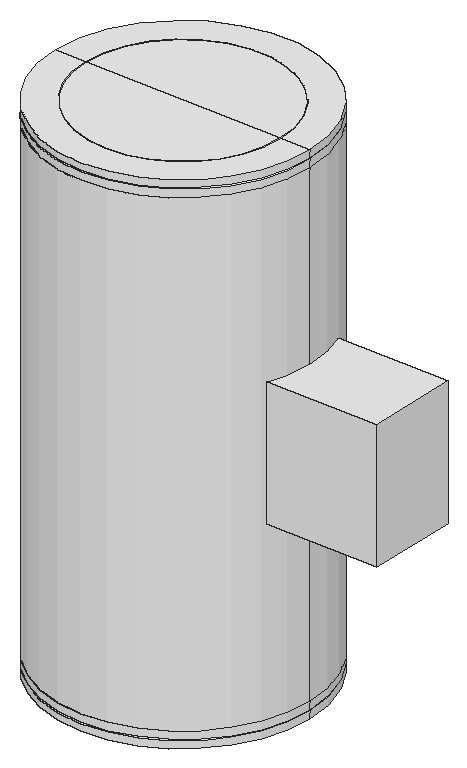
Revit family "Platek_Monaco_200_Applique_2_Openings", category Apparecchi per illuminazione, Revit 2018
Family settings
  Quota connettore circolare = Usa diametro
  Tipo di parte = Normale
  Basato su piano di lavoro = No
  Sempre verticale = Sì
  Taglio con vuoti quando caricato = No
  Sorgente d'illuminazione = No
  Condiviso = No
  Punto di calcolo locali = No
Parameters (values of type "8443411_42W_LED_3000K")
  URL = "www.platek.eu"
  Supply Voltage Min = 220 V
  Supply Voltage Max = 240 V
  Supply Voltage = 230 V
  Produttore = "PLATEK SRL"  # constant formula
  Product Page URL = "https://www.platek.eu/ita/searching.php?search=8442411#"
  Product Documentation Link = "https://www.platek.eu/ita/searching.php?search=8442411#"
  Product Dimension = "L280mm x L200mm x 400mm"
  Power Supply Unit = "Included"
  PLK_Photometrics = PLK_Photometrics : 8443411
  PLATEK Article Code = "8443411"
  Nota chiave = "Other LED colors available on request"
  Mounting Type = "Wall"
  Modello = "Monaco 200 1Opening"  # constant formula
  Manufacturer Comment = "2 Openings"
  Luminaure Luminous Intensity = 39086 cd
  Luminaire Wattage = 42 W
  Luminaire Luminous Flux = 3870 lm
  Lampada = "LED"
  LED Protection = "Surge protection included"
  Insulation Class = "1"
  Inside Body = PLK_Optic
  Immagine tipo = monaco_200_applique.jpg
  IP Rating = "IP65"
  IK Rating = "IK10"
  Glass = PLK_Light Source
  Frequency = "50/60 Hz"
  Energy Efficiency Rating = "A/A+/A++"
  Dimmable = "NO"
  Diffuse Type = "Transparent Glass"
  Descrizione = "Outdoor Lighting, Wall mounted"
  Commenti sul tipo = "Facades, Wall"
  Colour Temprature = 3000 K
  Codice assieme = "8443411.02(White);  8443411.06(Grey); 8443411.01(Black);  8443411.08(Anthracite); 8443411.07(Corten);  8443411.09(Bronze)"
  Cable Lenght = ""
  CRI = ">80"
  Body = PLK_06_Grey
Types (3, lengths in mm): name | Product Page URL | Product Documentation Link | PLK_Photometrics | PLATEK Article Code | Luminaure Luminous Intensity | Luminaire Luminous Flux | Codice assieme
  (no name) | "https://www.platek.eu/ita/searching.php?search=8442411#" | "https://www.platek.eu/ita/searching.php?search=8442411#" | PLK_Photometrics : 8443411 | "8443411" | 39086 cd | 3870 lm | "8443411.02(White);  8443411.06(Grey); 8443411.01(Black);  8443411.08(Anthracite); 8443411.07(Corten);  8443411.09(Bronze)"
  8443411_42W_LED_3000K | "https://www.platek.eu/ita/searching.php?search=8442411#" | "https://www.platek.eu/ita/searching.php?search=8442411#" | PLK_Photometrics : 8443411 | "8443411" | 39086 cd | 3870 lm | "8443411.02(White);  8443411.06(Grey); 8443411.01(Black);  8443411.08(Anthracite); 8443411.07(Corten);  8443411.09(Bronze)"
  8443418_42W_LED_3000K | "https://www.platek.eu/ita/searching.php?search=8443418#" | "https://www.platek.eu/ita/searching.php?search=8443418#" | PLK_Photometrics : 8443418 | "8443418" | 2230 cd | 3230 lm | "8443418.02(White);  8443418.06(Grey);  8443418.01(Black);  8443418.08(Anthracite); 8443418.07(Corten);  8443418.09(Bronze)"
Reference planes
  plane 1 "Centro (Fronte/Retro)": y = 0
  plane 2: z = 0
  plane 3 "Centro (Sinistra/Destra)": x = 0
  plane 4: z = 400
  plane 5: x = -179.93
  plane 6: z = 200
  plane 7: z = 240
  plane 8: z = 160
  plane 9: z = 12.5
  plane 10: x = -256.43
  plane 11: x = -103.43
  plane 12: z = 387.5
  plane 13: x = -216.43
  plane 14: x = -142.93
  plane 15: z = 250
  plane 16: z = 150
Forms (mm)
  Extrusion 1, solid, material "PLK_06_Grey" <- "Body", detail levels medium+fine
    sketch origin (0, 0, 0) x (1, 0, 0) y (0, 1, 0)
      loop
        circle (-179.93, 0) r 100
    from 12.5 to 387.5
  Revolve 2, void
    sketch origin (0, 0, 0) x (1, 0, 0) y (0, 0, 1)
      loop
        line (-256.43, 160) -> (-256.43, -10.616) -> (-179.93, -10.616) -> (-179.93, 160) -> (-256.43, 160)
      axis (-179.93, -10.616) -> (-179.93, 160)
    angle from 0 to 360
  Revolve 3, solid, material "PLK_06_Grey" <- "Body", detail levels medium+fine
    sketch origin (0, 0, 0) x (1, 0, 0) y (0, 0, 1)
      loop
        line (-279.93, 5.371) -> (-279.93, 0) -> (-256.43, 0) -> (-256.43, 5.371) -> (-279.93, 5.371)
      axis (-179.93, 0) -> (-179.93, 5.371)
    angle from 0 to 360
  Revolve 4, solid, material "PLK_06_Grey" <- "Body", detail levels medium+fine
    sketch origin (0, 0, 0) x (1, 0, 0) y (0, 0, 1)
      loop
        line (-256.43, 12.5) -> (-279.93, 12.5) -> (-279.93, 6.5) -> (-258.278, 6.5) -> (-258.278, 5.371) -> (-256.43, 5.371) -> (-256.43, 12.5)
      axis (-179.93, 5.371) -> (-179.93, 12.5)
    angle from 0 to 360
  Revolve 5, solid, material "PLK_06_Grey" <- "Body", detail levels medium+fine
    sketch origin (0, 0, 400) x (1, 0, 0) y (0, 0, -1)
      loop
        line (-256.43, 12.5) -> (-279.93, 12.5) -> (-279.93, 6.5) -> (-258.278, 6.5) -> (-258.278, 5.371) -> (-256.43, 5.371) -> (-256.43, 12.5)
      axis (-179.93, 5.371) -> (-179.93, 12.5)
    angle from 0 to 360
  Revolve 6, solid, material "PLK_06_Grey" <- "Body", detail levels medium+fine
    sketch origin (0, 0, 400) x (1, 0, 0) y (0, 0, -1)
      loop
        line (-279.93, 5.371) -> (-279.93, 0) -> (-256.43, 0) -> (-256.43, 5.371) -> (-279.93, 5.371)
      axis (-179.93, 0) -> (-179.93, 5.371)
    angle from 0 to 360
  Revolve 7, solid, material "PLK_Light Source" <- "Glass", detail levels medium+fine
    sketch origin (0, 0, 0) x (1, 0, 0) y (0, 0, 1)
      loop
        line (-256.43, 0) -> (-179.93, 0) -> (-179.93, 12.023) -> (-256.43, 12.023) -> (-256.43, 0)
      axis (-179.93, 0) -> (-179.93, 12.023)
    angle from 0 to 360
  Revolve 8, solid, material "PLK_06_Grey" <- "Body", detail levels medium+fine
    sketch origin (0, 0, 400) x (1, 0, 0) y (0, 0, -1)
      loop
        line (-256.43, 0) -> (-179.93, 0) -> (-179.93, 12.023) -> (-256.43, 12.023) -> (-256.43, 0)
      axis (-179.93, 0) -> (-179.93, 12.023)
    angle from 0 to 360
  Revolve 9, solid, material "PLK_Optic" <- "Inside Body", detail levels medium+fine
    sketch origin (0, 0, 0) x (1, 0, 0) y (0, 0, 1)
      loop
        line (-256.43, 12.5) -> (-253.633, 12.5) -> (-253.633, 29.64) -> (-179.93, 29.64) -> (-179.93, 32.5) -> (-256.43, 32.5) -> (-256.43, 12.5)
      axis (-179.93, 12.5) -> (-179.93, 32.5)
    angle from 0 to 360
  Extrusion 10, solid, material "PLK_06_Grey" <- "Body", detail levels coarse
    sketch origin (0, 0, 0) x (1, 0, 0) y (0, 1, 0)
      loop
        circle (-179.93, 0) r 100
    from 0 to 400
  Extrusion 11, solid, material "PLK_06_Grey" <- "Body"
    sketch origin (0, 0, 0) x (1, 0, 0) y (0, 1, 0)
      loop
        arc (-86.255, 35) -> (-79.93, 0) -> (-86.255, -35) r 100
        line (-86.255, -35) -> (0, -35) -> (0, 35) -> (-86.255, 35)
    from 150 to 250
  Revolve 12, void, detail levels medium+fine
    sketch origin (0, 0, 400) x (1, 0, 0) y (0, 0, -1)
      loop
        line (-256.43, 160) -> (-256.43, -10.616) -> (-179.93, -10.616) -> (-179.93, 160) -> (-256.43, 160)
      axis (-179.93, -10.616) -> (-179.93, 160)
    angle from 0 to 360
  Revolve 13, solid, material "PLK_Optic" <- "Inside Body", detail levels medium+fine
    sketch origin (0, 0, 400) x (1, 0, 0) y (0, 0, -1)
      loop
        line (-256.43, 12.5) -> (-253.633, 12.5) -> (-253.633, 29.64) -> (-179.93, 29.64) -> (-179.93, 32.5) -> (-256.43, 32.5) -> (-256.43, 12.5)
      axis (-179.93, 12.5) -> (-179.93, 32.5)
    angle from 0 to 360
  Revolve 14, solid, material "PLK_Light Source" <- "Glass", detail levels medium+fine
    sketch origin (0, 0, 400) x (1, 0, 0) y (0, 0, -1)
      loop
        line (-256.43, 0) -> (-179.93, 0) -> (-179.93, 12.023) -> (-256.43, 12.023) -> (-256.43, 0)
      axis (-179.93, 0) -> (-179.93, 12.023)
    angle from 0 to 360
Cuts and joins
  Revolve 2, Revolve 12 cuts Extrusion 1
  Revolve 12 cuts Revolve 3
  Revolve 12 cuts Revolve 4
  Revolve 12 cuts Revolve 7
  Revolve 12 cuts Revolve 9
  Revolve 12 cuts Extrusion 10
Lines and regions (mm)
  model lines
    curve 1: line (-179.93, 94.25, 0) -> (-179.93, -99.5, 0)
Dimensions and locks
  equal spacing: plane 11, plane 5, plane 10, locked at 76.5 each
  plane 4 to plane 12 to plane 7 to plane 6 to plane 8 to plane 9 to level = 12.5 mm locked, 147.5 mm locked, 40 mm locked, 40 mm locked, 147.5 mm locked, 12.5 mm locked
  locked: plane 5 to plane 3 "Centro (Sinistra/Destra)" at 179.93
  plane 14 to plane 5 to plane 13 = 37 mm, 36.5 mm
  equal spacing: plane 15, plane 6, plane 16
  radius of Extrusion 1 sketch curve = 100 mm
  radius of Extrusion 10 sketch curve = 100 mm
  aligned and locked: level to plane 2
  aligned and locked: Revolve 2 sketch curve to plane 5
  aligned and locked: cut or joined group of Extrusion 1, Revolve 2, Revolve 12 to plane 9
  aligned and locked: plane 12 to cut or joined group of Extrusion 1, Revolve 2, Revolve 12
  aligned and locked: Revolve 3 sketch curve to plane 5
  aligned and locked: Revolve 4 sketch curve to plane 5
  aligned and locked: Revolve 7 sketch curve to plane 5
  aligned and locked: Revolve 9 sketch curve to plane 5
  aligned and locked: plane 4 to Extrusion 10
  aligned and locked: Extrusion 10 to level
  aligned and locked: plane 15 to Extrusion 11
  aligned and locked: Extrusion 11 to plane 16
Automatic sketch dimensions
  curve 1 to plane 5 = 0 mm
  plane 1 "Centro (Fronte/Retro)" to curve 1 = 99.5 mm
  curve 1 to plane 1 "Centro (Fronte/Retro)" = 94.25 mm
  plane 1 "Centro (Fronte/Retro)" to Extrusion 1 sketch curve = 0 mm
  Extrusion 1 sketch curve to plane 5 = 0 mm
  Revolve 2 sketch curve to plane 8 = 0 mm
  Revolve 2 sketch curve to plane 10 = 0 mm
  plane 5 to Revolve 2 sketch curve = 0 mm
  Revolve 2 sketch curve to level = 10.616 mm
  Revolve 2 sketch curve to Revolve 2 sketch curve = 69.007 mm
  plane 4 to Revolve 2 sketch curve = 454.295 mm
  Revolve 3 sketch curve to level = 0 mm
  Revolve 3 sketch curve to plane 10 = 0 mm
  level to Revolve 3 sketch curve = 5.371 mm
  Revolve 3 sketch curve to plane 10 = 23.5 mm
  Revolve 3 sketch curve to level = 79.623 mm
  plane 4 to Revolve 3 sketch curve = 454.295 mm
  Revolve 4 sketch curve to plane 9 = 0 mm
  Revolve 4 sketch curve to plane 10 = 0 mm
  Revolve 4 sketch curve to plane 10 = 1.848 mm
  Revolve 4 sketch curve to plane 9 = 6 mm
  Revolve 4 sketch curve to Revolve 4 sketch curve = 21.652 mm
  Revolve 4 sketch curve to Revolve 4 sketch curve = 1.129 mm
  Revolve 4 sketch curve to level = 79.623 mm
  plane 4 to Revolve 4 sketch curve = 454.295 mm
  Revolve 5 sketch curve to plane 12 = 0 mm
  Revolve 5 sketch curve to plane 10 = 0 mm
  plane 5 to Revolve 5 sketch curve = 0 mm
  Revolve 5 sketch curve to Revolve 5 sketch curve = 1.848 mm
  Revolve 5 sketch curve to plane 12 = 6 mm
  Revolve 5 sketch curve to Revolve 5 sketch curve = 21.652 mm
  Revolve 5 sketch curve to Revolve 5 sketch curve = 1.129 mm
  Revolve 5 sketch curve to plane 4 = 79.623 mm
  level to Revolve 5 sketch curve = 454.295 mm
  Revolve 6 sketch curve to plane 4 = 0 mm
  Revolve 6 sketch curve to plane 10 = 0 mm
  plane 5 to Revolve 6 sketch curve = 0 mm
  plane 4 to Revolve 6 sketch curve = 5.371 mm
  Revolve 6 sketch curve to Revolve 6 sketch curve = 23.5 mm
  Revolve 6 sketch curve to plane 4 = 79.623 mm
  level to Revolve 6 sketch curve = 454.295 mm
  Revolve 7 sketch curve to plane 10 = 0 mm
  Revolve 7 sketch curve to level = 0 mm
  plane 5 to Revolve 7 sketch curve = 0 mm
  Revolve 7 sketch curve to plane 9 = 0.477 mm
  Revolve 7 sketch curve to Revolve 7 sketch curve = 79.623 mm
  plane 4 to Revolve 7 sketch curve = 454.295 mm
  Revolve 8 sketch curve to plane 10 = 0 mm
  Revolve 8 sketch curve to plane 4 = 0 mm
  plane 5 to Revolve 8 sketch curve = 0 mm  (x2)
  Revolve 8 sketch curve to plane 12 = 0.477 mm
  Revolve 8 sketch curve to plane 4 = 79.623 mm
  level to Revolve 8 sketch curve = 454.295 mm
  Revolve 9 sketch curve to plane 10 = 0 mm
  Revolve 9 sketch curve to plane 9 = 0 mm
  plane 5 to Revolve 9 sketch curve = 0 mm
  Revolve 9 sketch curve to Revolve 9 sketch curve = 2.797 mm
  plane 9 to Revolve 9 sketch curve = 17.14 mm
  Revolve 9 sketch curve to Revolve 9 sketch curve = 2.86 mm
  Revolve 9 sketch curve to level = 79.623 mm
  plane 4 to Revolve 9 sketch curve = 454.295 mm
  plane 1 "Centro (Fronte/Retro)" to Extrusion 10 sketch curve = 0 mm
  Extrusion 10 sketch curve to plane 5 = 0 mm
  plane 1 "Centro (Fronte/Retro)" to Extrusion 11 sketch curve = 0 mm
  Extrusion 11 sketch curve to plane 5 = 0 mm
  Extrusion 11 sketch curve to plane 3 "Centro (Sinistra/Destra)" = 0 mm
  plane 11 to Extrusion 11 sketch curve = 17.175 mm  (x2)
  plane 1 "Centro (Fronte/Retro)" to Extrusion 11 sketch curve = 35 mm
  Revolve 12 sketch curve to plane 7 = 0 mm
  Revolve 12 sketch curve to plane 10 = 0 mm
  plane 5 to Revolve 12 sketch curve = 0 mm  (x2)
  Revolve 12 sketch curve to plane 4 = 10.616 mm
  Revolve 12 sketch curve to Revolve 12 sketch curve = 69.007 mm
  level to Revolve 12 sketch curve = 454.295 mm
  Revolve 13 sketch curve to plane 10 = 0 mm
  Revolve 13 sketch curve to plane 12 = 0 mm
  plane 5 to Revolve 13 sketch curve = 0 mm  (x2)
  Revolve 13 sketch curve to plane 10 = 2.797 mm
  plane 12 to Revolve 13 sketch curve = 17.14 mm
  Revolve 13 sketch curve to Revolve 13 sketch curve = 2.86 mm
  Revolve 13 sketch curve to plane 4 = 79.623 mm
  level to Revolve 13 sketch curve = 454.295 mm
  Revolve 14 sketch curve to plane 10 = 0 mm
  Revolve 14 sketch curve to plane 4 = 0 mm
  plane 5 to Revolve 14 sketch curve = 0 mm  (x2)
  Revolve 14 sketch curve to plane 12 = 0.477 mm
  Revolve 14 sketch curve to plane 4 = 79.623 mm
  level to Revolve 14 sketch curve = 454.295 mm
Nested families
  nested 1: "PLK_Photometrics" at (-179.93, -2.205, 0) x (0, 1, 0) z (0, 0, 1), type <- "PLK_Photometrics", type "8443411"
  nested 2: "PLK_Photometrics" at (-179.93, -2.205, 400) x (0, 1, 0) z (0, 0, -1), type <- "PLK_Photometrics", type "8443411"
Connectors
  electrical at (0, 0, 200)
    settings: on Extrusion 11, index 1, voltage 0 V, apparent load 0 VA, apparent load phase1 0 VA, apparent load phase2 0 VA, apparent load phase3 0 VA, power factor 1, load classification "Altro", number of poles 1, system type 31, power factor state 1, is connector primary yes, connector utility no, sub classification motor no, connector description ""
Definition of nested family "PLK_Photometrics"
  Parameters (values of type "8443411")
    Wattage = 13.0266 W
    Dimming Lamp Color Temperature Shift = (empty or 0)
    built-in parameter 1150107 = 3000 (stored number, unit not read)
    Emit Shape Visible in Rendering = no
    Default Elevation = 1219.2 mm
    built-in parameter 1150110 = 1 (stored number, unit not read)
    built-in parameter 1150109 = 1 (stored number, unit not read)
    built-in parameter 1114218 = 1 (stored number, unit not read)
    built-in parameter 1150112 = 1 (stored number, unit not read)
    built-in parameter 1150142 = "IESNA:LM-63-2002\r\n[TEST] Platek_Oblo12led_10_3000K\r\n[TESTLAB] Platek Light s.r.l.\r\n[TESTDATE] 21 Oct 2016\r\n[ISSUEDATE] 21 Oct 2016\r\n[MANUFAC] Platek Light s.r.l.\r\n[LUMCAT] 8442411\r\n[LUMINAIRE] Monaco 200 Applique 1F 21W (12 Led) 3000K 9° 220-240V 50/60Hz\r\n[FLASHAREA] 0.003724\r\n[LAMPCAT] 12x1,5W Led\r\n[LAMP] 12x1,5W Led - 21.00 W\r\nTILT=NONE\r\n1 1935.00 1.0 61 1 1 2 -0.140 -0.140 0.000\r\n1.00 1.00 21.00\r\n0.00 1.50 3.00 4.50 6.00 7.50 9.00 10.50 12.00 13.50 \r\n15.00 16.50 18.00 19.50 21.00 22.50 24.00 25.50 27.00 \r\n28.50 30.00 31.50 33.00 34.50 36.00 37.50 39.00 40.50 \r\n42.00 43.50 45.00 46.50 48.00 49.50 51.00 52.50 54.00 \r\n55.50 57.00 58.50 60.00 61.50 63.00 64.50 66.00 67.50 \r\n69.00 70.50 72.00 73.50 75.00 76.50 78.00 79.50 81.00 \r\n82.50 84.00 85.50 87.00 88.50 90.00 \r\n0.00 \r\n39086.58 37476.93 31244.96 21212.52 11977.33 6795.20 \r\n4804.98 3822.04 3048.24 2324.88 1729.69 1273.91 933.67 \r\n693.77 520.22 384.40 284.75 218.63 165.55 120.28 90.91 \r\n73.89 62.64 55.02 49.51 44.99 40.99 36.89 32.52 28.25 \r\n24.70 21.70 19.08 16.90 15.15 13.68 12.36 11.19 10.13 \r\n9.19 8.30 7.42 6.54 5.66 4.78 3.96 3.19 2.48 1.87 1.37 \r\n0.95 0.62 0.40 0.26 0.18 0.14 0.11 0.09 0.08 0.07 0.00 \r\n"
    built-in parameter 1150137 = (empty or 0)
    built-in parameter 1150132 = 2
    built-in parameter 1150105 = 153.98 (stored number, unit not read)
    built-in parameter 1150102 = (empty or 0)
    built-in parameter 1150106 = 1.5398 (stored number, unit not read)
    Lumens = 1935 lm
    Color Filter = 16777215
    Photometric Web File = "8442411.IES"
    built-in parameter 1114217 = 1 (stored number, unit not read)
    built-in parameter 1150139 = (empty or 0)
    Emit from Circle Diameter = 160 mm
    built-in parameter 1150104 = 13.8 (stored number, unit not read)
    built-in parameter 1150115 = 1 (stored number, unit not read)
    built-in parameter 1150114 = 1 (stored number, unit not read)
    built-in parameter 1150113 = 1 (stored number, unit not read)
    built-in parameter 1150134 = (empty or 0)
    built-in parameter 1150138 = (empty or 0)
    Tilt Angle = 90.00°
    built-in parameter 1150133 = 10 (stored number, unit not read)
  Types (3, lengths in mm): name | Wattage | built-in parameter 1150142 | built-in parameter 1150105 | built-in parameter 1150106 | Lumens | Photometric Web File
    (no name) | 13.0266 W | "IESNA:LM-63-2002\r\n[TEST] Platek_Oblo12led_10_3000K\r\n[TESTLAB] Platek Light s.r.l.\r\n[TESTDATE] 21 Oct 2016\r\n[ISSUEDATE] 21 Oct 2016\r\n[MANUFAC] Platek Light s.r.l.\r\n[LUMCAT] 8442411\r\n[LUMINAIRE] Monaco 200 Applique 1F 21W (12 Led) 3000K 9° 220-240V 50/60Hz\r\n[FLASHAREA] 0.003724\r\n[LAMPCAT] 12x1,5W Led\r\n[LAMP] 12x1,5W Led - 21.00 W\r\nTILT=NONE\r\n1 1935.00 1.0 61 1 1 2 -0.140 -0.140 0.000\r\n1.00 1.00 21.00\r\n0.00 1.50 3.00 4.50 6.00 7.50 9.00 10.50 12.00 13.50 \r\n15.00 16.50 18.00 19.50 21.00 22.50 24.00 25.50 27.00 \r\n28.50 30.00 31.50 33.00 34.50 36.00 37.50 39.00 40.50 \r\n42.00 43.50 45.00 46.50 48.00 49.50 51.00 52.50 54.00 \r\n55.50 57.00 58.50 60.00 61.50 63.00 64.50 66.00 67.50 \r\n69.00 70.50 72.00 73.50 75.00 76.50 78.00 79.50 81.00 \r\n82.50 84.00 85.50 87.00 88.50 90.00 \r\n0.00 \r\n39086.58 37476.93 31244.96 21212.52 11977.33 6795.20 \r\n4804.98 3822.04 3048.24 2324.88 1729.69 1273.91 933.67 \r\n693.77 520.22 384.40 284.75 218.63 165.55 120.28 90.91 \r\n73.89 62.64 55.02 49.51 44.99 40.99 36.89 32.52 28.25 \r\n24.70 21.70 19.08 16.90 15.15 13.68 12.36 11.19 10.13 \r\n9.19 8.30 7.42 6.54 5.66 4.78 3.96 3.19 2.48 1.87 1.37 \r\n0.95 0.62 0.40 0.26 0.18 0.14 0.11 0.09 0.08 0.07 0.00 \r\n" | 153.98 (stored number, unit not read) | 1.5398 (stored number, unit not read) | 1935 lm | "8442411.IES"
    8443411 | 13.0266 W | "IESNA:LM-63-2002\r\n[TEST] Platek_Oblo12led_10_3000K\r\n[TESTLAB] Platek Light s.r.l.\r\n[TESTDATE] 21 Oct 2016\r\n[ISSUEDATE] 21 Oct 2016\r\n[MANUFAC] Platek Light s.r.l.\r\n[LUMCAT] 8442411\r\n[LUMINAIRE] Monaco 200 Applique 1F 21W (12 Led) 3000K 9° 220-240V 50/60Hz\r\n[FLASHAREA] 0.003724\r\n[LAMPCAT] 12x1,5W Led\r\n[LAMP] 12x1,5W Led - 21.00 W\r\nTILT=NONE\r\n1 1935.00 1.0 61 1 1 2 -0.140 -0.140 0.000\r\n1.00 1.00 21.00\r\n0.00 1.50 3.00 4.50 6.00 7.50 9.00 10.50 12.00 13.50 \r\n15.00 16.50 18.00 19.50 21.00 22.50 24.00 25.50 27.00 \r\n28.50 30.00 31.50 33.00 34.50 36.00 37.50 39.00 40.50 \r\n42.00 43.50 45.00 46.50 48.00 49.50 51.00 52.50 54.00 \r\n55.50 57.00 58.50 60.00 61.50 63.00 64.50 66.00 67.50 \r\n69.00 70.50 72.00 73.50 75.00 76.50 78.00 79.50 81.00 \r\n82.50 84.00 85.50 87.00 88.50 90.00 \r\n0.00 \r\n39086.58 37476.93 31244.96 21212.52 11977.33 6795.20 \r\n4804.98 3822.04 3048.24 2324.88 1729.69 1273.91 933.67 \r\n693.77 520.22 384.40 284.75 218.63 165.55 120.28 90.91 \r\n73.89 62.64 55.02 49.51 44.99 40.99 36.89 32.52 28.25 \r\n24.70 21.70 19.08 16.90 15.15 13.68 12.36 11.19 10.13 \r\n9.19 8.30 7.42 6.54 5.66 4.78 3.96 3.19 2.48 1.87 1.37 \r\n0.95 0.62 0.40 0.26 0.18 0.14 0.11 0.09 0.08 0.07 0.00 \r\n" | 153.98 (stored number, unit not read) | 1.5398 (stored number, unit not read) | 1935 lm | "8442411.IES"
    8443418 | 10.8723 W | "IESNA:LM-63-2002\r\n[TEST] p1001-Q-Tech-Platek_Oblo\r\n[TESTLAB] Platek Light s.r.l.\r\n[TESTDATE] 21 Oct 2016\r\n[ISSUEDATE] 21 Oct 2016\r\n[MANUFAC] Platek Light s.r.l.\r\n[LUMCAT] 8442418\r\n[LUMINAIRE] Monaco 200 Applique 1F 21W (12 LED) 3000K 49° 220-240V 50/60Hz\r\n[FLASHAREA] 0.002299\r\n[LAMPCAT] 12x LED\r\n[LAMP] 12x LED - 21.00 W\r\nTILT=NONE\r\n1 1615.00 1.0 31 1 1 2 -0.110 -0.110 0.000\r\n1.00 1.00 21.00\r\n0.00 3.00 6.00 9.00 12.00 15.00 18.00 21.00 24.00 27.00 \r\n30.00 33.00 36.00 39.00 42.00 45.00 48.00 51.00 54.00 \r\n57.00 60.00 63.00 66.00 69.00 72.00 75.00 78.00 81.00 \r\n84.00 87.00 90.00 \r\n0.00 \r\n2222.78 2217.66 2211.56 2209.54 2171.77 2041.42 1816.48 \r\n1512.72 1165.30 831.76 562.23 375.15 256.75 183.83 137.84 \r\n107.63 86.71 71.17 58.98 48.73 39.51 31.13 23.72 17.46 \r\n12.15 7.77 4.32 1.81 0.49 0.19 0.00 \r\n" | 32622.6 (stored number, unit not read) | 326.23 (stored number, unit not read) | 1615 lm | "8442418.IES"
  Reference planes
    plane 1 "Centro (Fronte/Retro)": y = 0
    plane 2: z = 0
    plane 3 "Centro (Sinistra/Destra)": x = 0
  Dimensions and locks
    aligned and locked: level to plane 2
